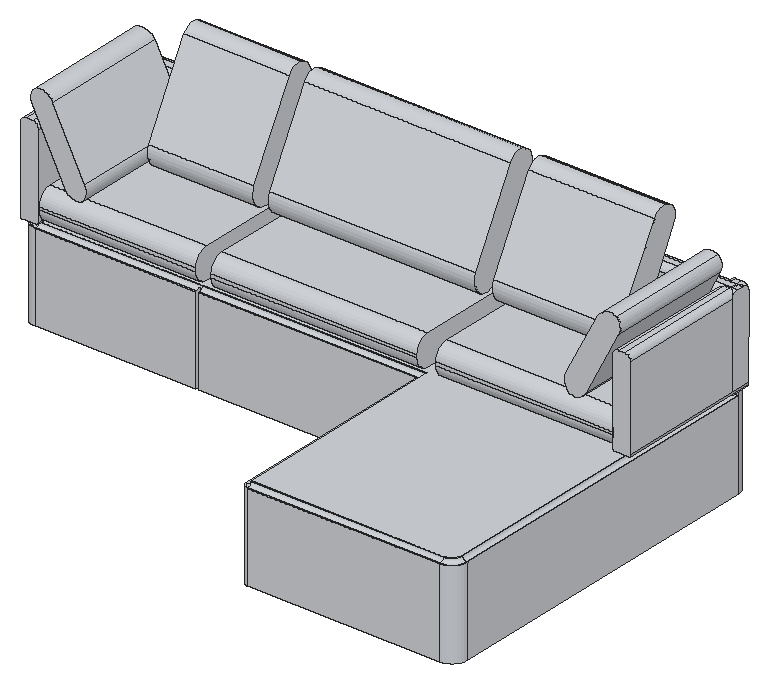
Revit family "Golden Sofa", category Generic Models, Revit 2027
Family settings
  Can host rebar = No
  Round Connector Dimension = Use Diameter
  Part Type = Normal
  Work Plane-Based = No
  Always vertical = Yes
  Cut with Voids When Loaded = No
  Maintain Annotation Orientation = No
  Shared = No
  Room Calculation Point = No
Parameters
  Default Elevation = 0.00 m
  Ancho Y2 = 0.6 * Ancho Y  # 0.72 m
  Ancho Y = 1.20 m
  Ancho X2 = 0.65 * Ancho X  # 1.30 m
  Ancho X = 2.00 m
  Altura Posabrazos = 0.30 m
  Altura Base = 0.30 m
Reference planes (m)
  plane 1 "Center (Front/Back)": y = 0
  plane 2: z = 0
  plane 3 "Center (Left/Right)": x = 0
  plane 4: x = -1
  plane 5: x = 1
  plane 6: y = 0.6
  plane 7: y = -0.6
  plane 8: y = 0.12
  plane 9: x = 0.3
  plane 10 "top base": z = 0.3
  plane 11 "top brazos": z = 0.6
  plane 12: y = 0.4
  plane 13: x = -0.77
  plane 14: x = -0.375
  plane 15: x = 0.77
  plane 16: x = 0.36
Forms (m)
  Extrusion 1, solid
    sketch origin (0.12, 0.04, 0) x (1, 0, 0) y (0, 1, 0)
      loop
        arc (-1.078251, 0.56) -> (-1.107772, 0.547772) -> (-1.12, 0.518251) r 0.041749
        line (-1.12, 0.518251) -> (-1.12, 0.13)
        arc (-1.12, 0.13) -> (-1.105355, 0.094645) -> (-1.07, 0.08) r 0.05
        line (-1.07, 0.08) -> (-0.545, 0.08) -> (-0.545, 0.095) -> (-0.535, 0.095) -> (-0.535, 0.08) -> (0.18, 0.08) -> (0.18, -0.62)
        arc (0.18, -0.62) -> (0.185858, -0.634142) -> (0.2, -0.64) r 0.02
        line (0.2, -0.64) -> (0.83, -0.64)
        arc (0.83, -0.64) -> (0.865355, -0.625355) -> (0.88, -0.59) r 0.05
        line (0.88, -0.59) -> (0.88, 0.52)
        arc (0.88, 0.52) -> (0.868284, 0.548284) -> (0.84, 0.56) r 0.04
        line (0.84, 0.56) -> (-1.078251, 0.56)
    from 0 to 0.3
  Extrusion 2, solid
    sketch origin (0, 0, 0) x (1, 0, 0) y (0, 0, 1)
      loop
        line (-0.992045, 0.3) -> (-0.948115, 0.3)
        arc (-0.948115, 0.3) -> (-0.942377, 0.302377) -> (-0.94, 0.308115) r 0.008115
        line (-0.94, 0.308115) -> (-0.94, 0.58)
        arc (-0.94, 0.58) -> (-0.945858, 0.594142) -> (-0.96, 0.6) r 0.02
        line (-0.96, 0.6) -> (-0.98, 0.6)
        arc (-0.98, 0.6) -> (-0.994142, 0.594142) -> (-1, 0.58) r 0.02
        line (-1, 0.58) -> (-1, 0.307955)
        arc (-1, 0.307955) -> (-0.99767, 0.30233) -> (-0.992045, 0.3) r 0.007955
    from -0.6 to -0.12
  Extrusion 3, solid
    sketch origin (1.94, 0, 0) x (1, 0, 0) y (0, 0, 1)
      loop
        line (-0.992045, 0.3) -> (-0.948115, 0.3)
        arc (-0.948115, 0.3) -> (-0.942377, 0.302377) -> (-0.94, 0.308115) r 0.008115
        line (-0.94, 0.308115) -> (-0.94, 0.58)
        arc (-0.94, 0.58) -> (-0.945858, 0.594142) -> (-0.96, 0.6) r 0.02
        line (-0.96, 0.6) -> (-0.98, 0.6)
        arc (-0.98, 0.6) -> (-0.994142, 0.594142) -> (-1, 0.58) r 0.02
        line (-1, 0.58) -> (-1, 0.307955)
        arc (-1, 0.307955) -> (-0.99767, 0.30233) -> (-0.992045, 0.3) r 0.007955
    from -0.6 to -0.12
  Extrusion 4, solid
    sketch origin (0, 0, 0) x (0, 1, 0) y (0, 0, 1)
      loop
        line (0.6, 0.3) -> (0.6, 0.58)
        arc (0.6, 0.58) -> (0.594142, 0.594142) -> (0.58, 0.6) r 0.02
        line (0.58, 0.6) -> (0.555, 0.6)
        arc (0.555, 0.6) -> (0.540858, 0.594142) -> (0.535, 0.58) r 0.02
        line (0.535, 0.58) -> (0.535, 0.308)
        arc (0.535, 0.308) -> (0.537343, 0.302343) -> (0.543, 0.3) r 0.008
        line (0.543, 0.3) -> (0.6, 0.3)
    from -1 to 1
  Extrusion 5, solid
    sketch origin (-0.002387, 0, 0.039161) x (1, 0, 0) y (0, 0, 1)
      loop
        line (-0.957739, 0.606251) -> (-0.85257, 0.399847)
        arc (-0.85257, 0.399847) -> (-0.828741, 0.378319) -> (-0.796627, 0.37816) r 0.045
        arc (-0.796627, 0.37816) -> (-0.781372, 0.403679) -> (-0.785361, 0.433142) r 0.045
        line (-0.785361, 0.433142) -> (-0.889745, 0.638008)
        arc (-0.889745, 0.638008) -> (-0.915934, 0.660376) -> (-0.95027, 0.657673) r 0.045
        arc (-0.95027, 0.657673) -> (-0.962176, 0.633149) -> (-0.957739, 0.606251) r 0.045
    from -0.535 to -0.12
  Extrusion 6, solid
    sketch origin (-0.84, -0.402933, 0.045) x (0, -1, 0) y (0, 0, 1)
      loop
        line (-0.986999, 0.663683) -> (-0.851545, 0.398247)
        arc (-0.851545, 0.398247) -> (-0.821699, 0.371447) -> (-0.781742, 0.374975) r 0.05033
        arc (-0.781742, 0.374975) -> (-0.758999, 0.406963) -> (-0.761991, 0.446096) r 0.057676
        line (-0.761991, 0.446096) -> (-0.906319, 0.706471)
        arc (-0.906319, 0.706471) -> (-0.930786, 0.726277) -> (-0.962144, 0.723519) r 0.042
        line (-0.962144, 0.723519) -> (-0.968679, 0.720184)
        arc (-0.968679, 0.720184) -> (-0.989541, 0.695727) -> (-0.986999, 0.663683) r 0.042
    from -0.415 to -0.07
  Extrusion 7, solid
    sketch origin (-0.28, -0.402933, 0.045) x (0, -1, 0) y (0, 0, 1)
      loop
        line (-0.986999, 0.663683) -> (-0.851545, 0.398247)
        arc (-0.851545, 0.398247) -> (-0.821699, 0.371447) -> (-0.781742, 0.374975) r 0.05033
        arc (-0.781742, 0.374975) -> (-0.758999, 0.406963) -> (-0.761991, 0.446096) r 0.057676
        line (-0.761991, 0.446096) -> (-0.906319, 0.706471)
        arc (-0.906319, 0.706471) -> (-0.930786, 0.726277) -> (-0.962144, 0.723519) r 0.042
        line (-0.962144, 0.723519) -> (-0.968679, 0.720184)
        arc (-0.968679, 0.720184) -> (-0.989541, 0.695727) -> (-0.986999, 0.663683) r 0.042
    from -0.58 to 0.095
  Extrusion 8, solid
    sketch origin (0.84, -0.402933, 0.045) x (0, -1, 0) y (0, 0, -1)
      loop
        arc (-0.986999, -0.663683) -> (-0.989541, -0.695727) -> (-0.968679, -0.720184) r 0.042
        line (-0.968679, -0.720184) -> (-0.962144, -0.723519)
        arc (-0.962144, -0.723519) -> (-0.930786, -0.726277) -> (-0.906319, -0.706471) r 0.042
        line (-0.906319, -0.706471) -> (-0.761991, -0.446096)
        arc (-0.761991, -0.446096) -> (-0.758999, -0.406963) -> (-0.781742, -0.374975) r 0.057676
        arc (-0.781742, -0.374975) -> (-0.821699, -0.371447) -> (-0.851545, -0.398247) r 0.05033
        line (-0.851545, -0.398247) -> (-0.986999, -0.663683)
    from -0.48 to -0.07
  Sweep 9, void
    path in 3D
      loop
        line (-1, 0.558251, 0.3) -> (-1, 0.17, 0.3)
        arc (-1, 0.17, 0.3) -> (-0.985355, 0.134645, 0.3) -> (-0.95, 0.12, 0.3) r 0.05
        line (-0.95, 0.12, 0.3) -> (-0.415, 0.12, 0.3) -> (0.3, 0.12, 0.3) -> (0.3, -0.58, 0.3)
        arc (0.3, -0.58, 0.3) -> (0.305858, -0.594142, 0.3) -> (0.32, -0.6, 0.3) r 0.02
        line (0.32, -0.6, 0.3) -> (0.95, -0.6, 0.3)
        arc (0.95, -0.6, 0.3) -> (0.985355, -0.585355, 0.3) -> (1, -0.55, 0.3) r 0.05
        line (1, -0.55, 0.3) -> (1, 0.56, 0.3)
    profile origin (-0.6825, 0.12, 0.3) x (0, 1, 0) y (0, 0, 1)
      loop
        line (0, 0) -> (0, -0.013397) -> (0.00487, -0.013397)
        arc (0.00487, -0.013397) -> (0.0137, -0.00974) -> (0.017358, -0.00091) r 0.012488
        line (0.017358, -0.00091) -> (0.017358, 0) -> (0, 0)
  Extrusion 10, solid
    sketch origin (0, 0, 0) x (0, 1, 0) y (0, 0, 1)
      loop
        line (0.165, 0.3) -> (0.49, 0.3)
        arc (0.49, 0.3) -> (0.52182, 0.31318) -> (0.535, 0.345) r 0.045
        line (0.535, 0.345) -> (0.535, 0.355)
        arc (0.535, 0.355) -> (0.52182, 0.38682) -> (0.49, 0.4) r 0.045
        line (0.49, 0.4) -> (0.165, 0.4)
        arc (0.165, 0.4) -> (0.13318, 0.38682) -> (0.12, 0.355) r 0.045
        line (0.12, 0.355) -> (0.12, 0.345)
        arc (0.12, 0.345) -> (0.13318, 0.31318) -> (0.165, 0.3) r 0.045
    from -0.94 to -0.425
  Extrusion 11, solid
    sketch origin (0, 0, 0) x (0, 1, 0) y (0, 0, -1)
      loop
        arc (0.165, -0.3) -> (0.13318, -0.31318) -> (0.12, -0.345) r 0.045
        line (0.12, -0.345) -> (0.12, -0.355)
        arc (0.12, -0.355) -> (0.13318, -0.38682) -> (0.165, -0.4) r 0.045
        line (0.165, -0.4) -> (0.49, -0.4)
        arc (0.49, -0.4) -> (0.52182, -0.38682) -> (0.535, -0.355) r 0.045
        line (0.535, -0.355) -> (0.535, -0.345)
        arc (0.535, -0.345) -> (0.52182, -0.31318) -> (0.49, -0.3) r 0.045
        line (0.49, -0.3) -> (0.165, -0.3)
    from -0.94 to -0.36
  Extrusion 12, solid
    sketch origin (-0.765419, 0, 0) x (0, 1, 0) y (0, 0, -1)
      loop
        arc (0.165, -0.3) -> (0.13318, -0.31318) -> (0.12, -0.345) r 0.045
        line (0.12, -0.345) -> (0.12, -0.355)
        arc (0.12, -0.355) -> (0.13318, -0.38682) -> (0.165, -0.4) r 0.045
        line (0.165, -0.4) -> (0.49, -0.4)
        arc (0.49, -0.4) -> (0.52182, -0.38682) -> (0.535, -0.355) r 0.045
        line (0.535, -0.355) -> (0.535, -0.345)
        arc (0.535, -0.345) -> (0.52182, -0.31318) -> (0.49, -0.3) r 0.045
        line (0.49, -0.3) -> (0.165, -0.3)
    from -1.065419 to -0.390419
  Extrusion 13, solid
    sketch origin (0.002387, 0, 0.039161) x (-1, 0, 0) y (0, 0, -1)
      loop
        arc (-0.957739, -0.606251) -> (-0.962176, -0.633149) -> (-0.95027, -0.657673) r 0.045
        arc (-0.95027, -0.657673) -> (-0.915934, -0.660376) -> (-0.889745, -0.638008) r 0.045
        line (-0.889745, -0.638008) -> (-0.785361, -0.433142)
        arc (-0.785361, -0.433142) -> (-0.781372, -0.403679) -> (-0.796627, -0.37816) r 0.045
        arc (-0.796627, -0.37816) -> (-0.828741, -0.378319) -> (-0.85257, -0.399847) r 0.045
        line (-0.85257, -0.399847) -> (-0.957739, -0.606251)
    from -0.535 to -0.12
Cuts and joins
  Sweep 9 cuts Extrusion 1
  Sweep 9 cuts Extrusion 2
  Sweep 9 cuts Extrusion 4
Lines and regions (m)
  sketch lines
    curve 1: line (-0.95, 0.12, 0.3) -> (-0.415, 0.12, 0.3)
    curve 2: line (-1, 0.558251, 0.3) -> (-1, 0.17, 0.3)
    curve 3: arc (-0.95, 0.12, 0.3) -> (-0.985355, 0.134645, 0.3) -> (-1, 0.17, 0.3) r 0.05
    curve 4: line (-0.415, 0.12, 0.3) -> (0.3, 0.12, 0.3)
    curve 5: line (0.3, 0.12, 0.3) -> (0.3, -0.58, 0.3)
    curve 6: line (0.32, -0.6, 0.3) -> (0.95, -0.6, 0.3)
    curve 7: arc (0.32, -0.6, 0.3) -> (0.305858, -0.594142, 0.3) -> (0.3, -0.58, 0.3) r 0.02
    curve 8: arc (1, -0.55, 0.3) -> (0.985355, -0.585355, 0.3) -> (0.95, -0.6, 0.3) r 0.05
    curve 9: line (1, -0.55, 0.3) -> (1, 0.56, 0.3)
Dimensions and locks (m)
  plane 4 to plane 3 "Center (Left/Right)" to Extrusion 1 = 1.00 m, 1.00 m
  "Ancho X": plane 4 to plane 5
  equal spacing: plane 6, plane 1 "Center (Front/Back)", plane 7
  "Ancho Y": plane 6 to plane 7
  "Ancho X2": plane 4 to plane 9
  "Ancho Y2": plane 8 to plane 7
  "Altura Base": plane 10 "top base" to level
  "Altura Posabrazos": plane 11 "top brazos" to plane 10 "top base"
  plane 13 to plane 4 = 0.23 m
  plane 14 to Extrusion 6 = 0.05 m
  plane 5 to plane 15 = 0.23 m
  plane 9 to plane 16 = 0.06 m
  aligned and locked: level to plane 2
  aligned and locked: Extrusion 1 to plane 4
  aligned and locked: plane 5 to Extrusion 1
  aligned and locked: plane 6 to Extrusion 1
  aligned and locked: Extrusion 1 to plane 7
  aligned and locked: Extrusion 1 to plane 8
  aligned and locked: Extrusion 1 to plane 9
  aligned and locked: plane 10 "top base" to Extrusion 1
  aligned and locked: Extrusion 2 to Extrusion 1
  aligned and locked: Extrusion 1 to Extrusion 2
  aligned and locked: Extrusion 3 to Extrusion 1
  aligned and locked: Extrusion 1 to Extrusion 3
  aligned and locked: Extrusion 1 to Extrusion 4
  aligned and locked: plane 11 "top brazos" to Extrusion 4
  aligned and locked: Extrusion 4 to Extrusion 2
  aligned and locked: Extrusion 4 to Extrusion 3
  aligned and locked: Extrusion 1 to Extrusion 5
  aligned and locked: Extrusion 5 to Extrusion 4
  aligned and locked: Extrusion 1 to Extrusion 6
  aligned and locked: Extrusion 6 to plane 13
  aligned and locked: Extrusion 1 to Extrusion 7
  aligned and locked: Extrusion 7 to plane 14
  aligned and locked: Extrusion 8 to plane 15
  aligned and locked: Extrusion 8 to plane 16
  aligned and locked: Extrusion 10 to cut or joined group of Extrusion 2, Sweep 9
  aligned and locked: Extrusion 10 to Extrusion 6
  aligned and locked: Extrusion 8 to Extrusion 11
  aligned and locked: Extrusion 11 to Extrusion 3
  aligned and locked: plane 9 to Extrusion 12
  aligned and locked: Extrusion 7 to Extrusion 12
Automatic sketch dimensions
  Extrusion 1 sketch curve to plane 4 = 0.00 m
  Extrusion 1 sketch curve to plane 6 = 0.00 m
  Extrusion 1 sketch curve to plane 8 = 0.00 m  (x2)
  Extrusion 1 sketch curve to plane 9 = 0.00 m
  Extrusion 1 sketch curve to plane 7 = 0.00 m
  Extrusion 1 sketch curve to plane 5 = 0.00 m
  plane 4 to Extrusion 1 sketch curve = 0.041749 m
  plane 4 to Extrusion 1 sketch curve = 0.05 m
  plane 8 to Extrusion 1 sketch curve = 0.015 m
  Extrusion 1 sketch curve to plane 14 = 0.05 m
  Extrusion 1 sketch curve to Extrusion 1 sketch curve = 0.01 m
  plane 9 to Extrusion 1 sketch curve = 0.02 m
  Extrusion 1 sketch curve to Extrusion 1 sketch curve = 0.05 m
  Extrusion 1 sketch curve to Extrusion 1 sketch curve = 0.04 m
  Extrusion 2 sketch curve to plane 4 = 0.00 m
  Extrusion 2 sketch curve to plane 10 "top base" = 0.00 m
  Extrusion 2 sketch curve to plane 11 "top brazos" = 0.00 m
  plane 4 to Extrusion 2 sketch curve = 0.007955 m
  plane 4 to Extrusion 2 sketch curve = 0.02 m
  Extrusion 2 sketch curve to Extrusion 2 sketch curve = 0.02 m
  plane 10 "top base" to Extrusion 2 sketch curve = 0.008115 m
  Extrusion 2 sketch curve to Extrusion 2 sketch curve = 0.04393 m
  Extrusion 3 sketch curve to plane 10 "top base" = 0.00 m
  Extrusion 3 sketch curve to plane 11 "top brazos" = 0.00 m
  Extrusion 3 sketch curve to plane 5 = 0.00 m
  Extrusion 3 sketch curve to plane 5 = 0.008115 m
  Extrusion 3 sketch curve to plane 5 = 0.02 m
  Extrusion 3 sketch curve to Extrusion 3 sketch curve = 0.02 m
  plane 10 "top base" to Extrusion 3 sketch curve = 0.007955 m
  Extrusion 3 sketch curve to Extrusion 3 sketch curve = 0.04393 m
  Extrusion 4 sketch curve to plane 10 "top base" = 0.00 m
  Extrusion 4 sketch curve to plane 11 "top brazos" = 0.00 m
  Extrusion 4 sketch curve to plane 6 = 0.00 m
  Extrusion 4 sketch curve to plane 6 = 0.02 m
  Extrusion 4 sketch curve to Extrusion 4 sketch curve = 0.025 m
  Extrusion 4 sketch curve to Extrusion 4 sketch curve = 0.057 m
  Extrusion 4 sketch curve to Extrusion 4 sketch curve = 0.008 m
  plane 4 to Extrusion 5 sketch curve = 0.039874 m
  Extrusion 5 sketch curve to Extrusion 5 sketch curve = 0.027899 m  (x2)
  Extrusion 5 sketch curve to Extrusion 5 sketch curve = 0.012197 m
  plane 11 "top brazos" to Extrusion 5 sketch curve = 0.077169 m
  Extrusion 5 sketch curve to plane 13 = 0.084957 m
  Extrusion 5 sketch curve to Extrusion 5 sketch curve = 0.027115 m
  Extrusion 5 sketch curve to Extrusion 5 sketch curve = 0.012981 m
  Extrusion 5 sketch curve to plane 13 = 0.017748 m
  Extrusion 5 sketch curve to Extrusion 5 sketch curve = 0.011327 m  (x2)
  Extrusion 5 sketch curve to Extrusion 5 sketch curve = 0.009103 m
  Extrusion 5 sketch curve to plane 11 "top brazos" = 0.127697 m
  Extrusion 5 sketch curve to Extrusion 5 sketch curve = 0.012865 m  (x2)
  Extrusion 5 sketch curve to Extrusion 5 sketch curve = 0.007564 m
  Extrusion 6 sketch curve to plane 6 = 0.015934 m
  Extrusion 6 sketch curve to plane 6 = 0.034254 m
  Extrusion 6 sketch curve to Extrusion 6 sketch curve = 0.006536 m  (x2)
  Extrusion 6 sketch curve to Extrusion 6 sketch curve = 0.019091 m  (x2)
  Extrusion 6 sketch curve to Extrusion 6 sketch curve = 0.036734 m
  Extrusion 6 sketch curve to plane 12 = 0.048612 m
  Extrusion 6 sketch curve to plane 12 = 0.011639 m
  Extrusion 6 sketch curve to plane 12 = 0.002848 m
  plane 12 to Extrusion 6 sketch curve = 0.040942 m
  plane 10 "top base" to Extrusion 6 sketch curve = 0.143247 m
  Extrusion 6 sketch curve to Extrusion 6 sketch curve = 0.020947 m
  Extrusion 6 sketch curve to Extrusion 6 sketch curve = 0.003202 m
  Extrusion 6 sketch curve to Extrusion 6 sketch curve = 0.026903 m
  plane 11 "top brazos" to Extrusion 6 sketch curve = 0.108683 m
  Extrusion 6 sketch curve to Extrusion 6 sketch curve = 0.003335 m
  Extrusion 6 sketch curve to Extrusion 6 sketch curve = 0.020362 m
  Extrusion 7 sketch curve to plane 6 = 0.015934 m
  Extrusion 7 sketch curve to plane 6 = 0.034254 m
  Extrusion 7 sketch curve to Extrusion 7 sketch curve = 0.006536 m  (x2)
  Extrusion 7 sketch curve to Extrusion 7 sketch curve = 0.03741 m
  Extrusion 7 sketch curve to Extrusion 7 sketch curve = 0.036734 m
  Extrusion 7 sketch curve to plane 12 = 0.048612 m
  Extrusion 7 sketch curve to plane 12 = 0.011639 m
  Extrusion 7 sketch curve to plane 12 = 0.002848 m
  plane 12 to Extrusion 7 sketch curve = 0.040942 m
  plane 10 "top base" to Extrusion 7 sketch curve = 0.143247 m
  Extrusion 7 sketch curve to Extrusion 7 sketch curve = 0.020947 m
  Extrusion 7 sketch curve to Extrusion 7 sketch curve = 0.003202 m
  Extrusion 7 sketch curve to Extrusion 7 sketch curve = 0.026903 m
  plane 11 "top brazos" to Extrusion 7 sketch curve = 0.108683 m
  Extrusion 7 sketch curve to Extrusion 7 sketch curve = 0.019091 m
  Extrusion 7 sketch curve to Extrusion 7 sketch curve = 0.003335 m
  Extrusion 7 sketch curve to Extrusion 7 sketch curve = 0.020362 m
  Extrusion 8 sketch curve to plane 6 = 0.015934 m
  Extrusion 8 sketch curve to plane 6 = 0.034254 m
  Extrusion 8 sketch curve to Extrusion 8 sketch curve = 0.006536 m  (x2)
  Extrusion 8 sketch curve to Extrusion 8 sketch curve = 0.03741 m
  Extrusion 8 sketch curve to Extrusion 8 sketch curve = 0.036734 m
  Extrusion 8 sketch curve to plane 12 = 0.048612 m
  Extrusion 8 sketch curve to plane 12 = 0.011639 m
  Extrusion 8 sketch curve to plane 12 = 0.002848 m
  plane 12 to Extrusion 8 sketch curve = 0.040942 m
  plane 11 "top brazos" to Extrusion 8 sketch curve = 0.168519 m
  Extrusion 8 sketch curve to Extrusion 8 sketch curve = 0.003335 m  (x2)
  Extrusion 8 sketch curve to Extrusion 8 sketch curve = 0.017048 m
  Extrusion 8 sketch curve to plane 11 "top brazos" = 0.108904 m
  Extrusion 8 sketch curve to Extrusion 8 sketch curve = 0.023701 m
  Extrusion 8 sketch curve to Extrusion 8 sketch curve = 0.003202 m
  Extrusion 8 sketch curve to Extrusion 8 sketch curve = 0.024149 m
  Sweep 9 sketch curve to profile plane = 0.00 m  (x2)
  Sweep 9 sketch curve to profile plane = 0.00091 m
  Sweep 9 sketch curve to profile plane = 0.00487 m
  Sweep 9 sketch curve to Sweep 9 sketch curve = 0.012488 m
  Extrusion 10 sketch curve to plane 8 = 0.00 m
  Extrusion 10 sketch curve to plane 10 "top base" = 0.00 m
  plane 8 to Extrusion 10 sketch curve = 0.045 m  (x2)
  plane 10 "top base" to Extrusion 10 sketch curve = 0.045 m
  Extrusion 10 sketch curve to plane 12 = 0.09 m
  Extrusion 10 sketch curve to Extrusion 10 sketch curve = 0.00 m
  Extrusion 10 sketch curve to Extrusion 10 sketch curve = 0.01 m
  Extrusion 11 sketch curve to plane 8 = 0.00 m
  Extrusion 11 sketch curve to plane 10 "top base" = 0.00 m
  plane 8 to Extrusion 11 sketch curve = 0.045 m  (x2)
  plane 10 "top base" to Extrusion 11 sketch curve = 0.045 m
  Extrusion 11 sketch curve to plane 12 = 0.09 m
  Extrusion 11 sketch curve to Extrusion 11 sketch curve = 0.00 m
  Extrusion 11 sketch curve to Extrusion 11 sketch curve = 0.01 m
  Extrusion 12 sketch curve to plane 8 = 0.00 m
  Extrusion 12 sketch curve to plane 10 "top base" = 0.00 m
  plane 8 to Extrusion 12 sketch curve = 0.045 m  (x2)
  plane 10 "top base" to Extrusion 12 sketch curve = 0.045 m
  Extrusion 12 sketch curve to plane 12 = 0.09 m
  Extrusion 12 sketch curve to Extrusion 12 sketch curve = 0.00 m
  Extrusion 12 sketch curve to Extrusion 12 sketch curve = 0.01 m
  Extrusion 13 sketch curve to plane 5 = 0.039874 m
  Extrusion 13 sketch curve to Extrusion 13 sketch curve = 0.027899 m  (x2)
  Extrusion 13 sketch curve to Extrusion 13 sketch curve = 0.012197 m
  plane 11 "top brazos" to Extrusion 13 sketch curve = 0.077169 m
  Extrusion 13 sketch curve to plane 15 = 0.084957 m
  Extrusion 13 sketch curve to Extrusion 13 sketch curve = 0.027115 m
  Extrusion 13 sketch curve to Extrusion 13 sketch curve = 0.012981 m
  Extrusion 13 sketch curve to plane 15 = 0.017748 m
  Extrusion 13 sketch curve to Extrusion 13 sketch curve = 0.011327 m  (x2)
  Extrusion 13 sketch curve to Extrusion 13 sketch curve = 0.009103 m
  Extrusion 13 sketch curve to plane 11 "top brazos" = 0.127697 m
  Extrusion 13 sketch curve to Extrusion 13 sketch curve = 0.012865 m  (x2)
  Extrusion 13 sketch curve to Extrusion 13 sketch curve = 0.007564 m
